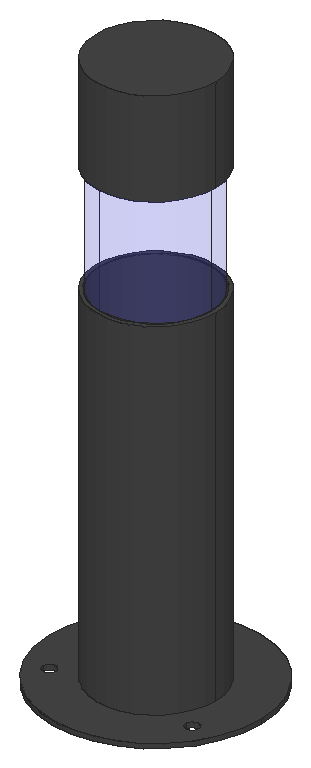
Revit family "svetilnik_alfresco_slim", category Осветительные приборы, Revit 2016
Family settings
  Тип детали = Нормальный
  Размер круглого соединителя = Использовать диаметр
  На основе рабочей плоскости = Нет
  Всегда вертикально = Да
  При загрузке вырезать с полостями = Нет
  Источник света = Да
  Общий = Нет
  Точка расчета площади = Нет
Parameters (values of type "Слим-0.5 (1)")
  built-in parameter 1150104 = 13.8 (stored number, unit not read)
  built-in parameter 1150134 = 12
  Файл фотометрической сетки = "Slim 4W.ies"
  Tilt Angle = 90.00°  # constant formula
  built-in parameter 1150137 = (empty or 0)
  built-in parameter 1150132 = 2
  built-in parameter 1150114 = 1 (stored number, unit not read)
  Dimming Lamp Color Temperature Shift = (empty or 0)
  built-in parameter 1150105 = 35.014 (stored number, unit not read)
  Color Filter = 16777215
  Lumens = 440 lm
  Радиус фланца = 95 mm
  Цветовая температура = "2700-6500"
  Тип продукции = "LED-светильник"
  Тип ПРА = "-"
  Тип КСС = "Круглосимметричная"
  Тип ИС = "LED-светодиоды"
  Температура эксплуатации = "-35 +40"
  Разработано = "support@bimlib.ru"  # constant formula
  built-in parameter 1150109 = 1 (stored number, unit not read)
  built-in parameter 1150112 = 1 (stored number, unit not read)
  built-in parameter 1150110 = 1 (stored number, unit not read)
  built-in parameter 1150113 = 1 (stored number, unit not read)
  built-in parameter 1150115 = 1 (stored number, unit not read)
  built-in parameter 1114218 = 1 (stored number, unit not read)
  built-in parameter 1114217 = 1 (stored number, unit not read)
  Плафон = PC
  built-in parameter 1150106 = 0.35014 (stored number, unit not read)
  built-in parameter 1150142 = "IESNA:LM-63-1995\r\n[TEST]\tAlf\r\n[MANUFAC] Alfresco\r\n[LUMCAT]Слим\r\n[LUMINAIRE] Landscape\r\n[LAMP] 4W led\r\n[DATE]\t07.09.14\r\nTILT=NONE\r\n1 480 0.48 37 1 1 2 0.108 0.108 0.1\r\n1.0 1 4\r\n0.0 5.0 10.0 15.0 20.0 25.0 30.0 35.0 40.0 45.0 50.0 55.0 60.0 65.0 70.0 75.0 80.0 85.0 90.0 95.0 100.0 105.0 110.0 115.0 120.0\r\n 125.0 130.0 135.0 140.0 145.0 150.0 155.0 160.0 165.0 170.0 175.0 180.0\r\n0.0\r\n0.0 0.0 3.0 8.0 12.0 17.0 22.0 26.0 31.0 35.0 39.0 42.0 44.0 46.0 47.0 48.0 49.0 50.0 50.0 51.0 51.0 51.0 50.0 50.0 48.0 46.0 43.0\r\n 39.0 35.0 31.0 28.0 27.0 25.0 23.0 16.0 10.0 7.0\r\n"
  built-in parameter 1150133 = 10 (stored number, unit not read)
  Wattage = 2.96213 W
  Радиус  корпуса светильника = 54 mm
  built-in parameter 1150139 = (empty or 0)
  built-in parameter 1150138 = (empty or 0)
  built-in parameter 1150107 = 4000 (stored number, unit not read)
  built-in parameter 1150102 = (empty or 0)
  Emit from Circle Diameter = 100 mm  # constant formula
  Высота плафона = 100 mm
  Высота крышки = 85 mm
  Полная установленная мощность = ADSK_Номинальная мощность / ADSK_Коэффициент мощности  # 4.08163 VA
  Область использования = "ландшафт, коттедж. Посёлки,микрорайоны"
  Материал рассеивателя = "PC"
  Корпус светильника = Сталь крашенная чёрная
  Климатическая зона = "У1"
  Класс пожароопасности = "F (светильники предназначены для установки непосредственно на поверхность из нормально воспламеняемых материалов)"
  Класс защиты = "1"
  Изготовитель = "ALFRESCO"  # constant formula
  Видимая форма излучения при визуализации = no
  Блок аварийного питания = no
  URL = "http://www.allfresco.ru/item/DTU-19-AF"
  IP Class = "IP 66"
  ADSK_Энергоэффективность = 110 lm/W
  ADSK_Ток = ADSK_Номинальная мощность / (ADSK_Коэффициент мощности * ADSK_Напряжение * sqrt(ADSK_Количество фаз числовое))  # 0.0131189 A
  ADSK_Размер_Высота = 500 mm
  ADSK_Примечание [instance] = ""
  ADSK_Полная мощность = ADSK_Номинальная мощность / ADSK_Коэффициент мощности  # 4.08163 VA
  ADSK_Позиция = ""
  ADSK_Номинальная мощность = 4 W
  ADSK_Напряжение = 220 V
  ADSK_Наименование = "Светодиодный светильник Слим ДТУ-21-AF-4Вт-0,5-IP66"
  ADSK_Модель = "ДТУ-21-AF Слим"
  ADSK_Масса = 5.2
  ADSK_Коэффициент мощности = 0.98
  ADSK_Количество фаз числовое = 2
  ADSK_Количество фаз = 2
  ADSK_Код изделия = ""
  ADSK_Классификация нагрузок [instance] = Освещение
  ADSK_Завод-изготовитель = "ALFRESCO"  # constant formula
  ADSK_Единица измерения = "шт."
  ADSK_Артикул = "ДТУ2112"
Types (4, lengths in mm): name | Файл фотометрической сетки | built-in parameter 1150105 | Lumens | built-in parameter 1150106 | built-in parameter 1150142 | Wattage | Высота крышки | Полная установленная мощность | ADSK_Ток | ADSK_Размер_Высота | ADSK_Полная мощность | ADSK_Номинальная мощность | ADSK_Наименование | ADSK_Масса | ADSK_Артикул
  Слим-0.5 (1) | "Slim 4W.ies" | 35.014 (stored number, unit not read) | 440 lm | 0.35014 (stored number, unit not read) | "IESNA:LM-63-1995\r\n[TEST]\tAlf\r\n[MANUFAC] Alfresco\r\n[LUMCAT]Слим\r\n[LUMINAIRE] Landscape\r\n[LAMP] 4W led\r\n[DATE]\t07.09.14\r\nTILT=NONE\r\n1 480 0.48 37 1 1 2 0.108 0.108 0.1\r\n1.0 1 4\r\n0.0 5.0 10.0 15.0 20.0 25.0 30.0 35.0 40.0 45.0 50.0 55.0 60.0 65.0 70.0 75.0 80.0 85.0 90.0 95.0 100.0 105.0 110.0 115.0 120.0\r\n 125.0 130.0 135.0 140.0 145.0 150.0 155.0 160.0 165.0 170.0 175.0 180.0\r\n0.0\r\n0.0 0.0 3.0 8.0 12.0 17.0 22.0 26.0 31.0 35.0 39.0 42.0 44.0 46.0 47.0 48.0 49.0 50.0 50.0 51.0 51.0 51.0 50.0 50.0 48.0 46.0 43.0\r\n 39.0 35.0 31.0 28.0 27.0 25.0 23.0 16.0 10.0 7.0\r\n" | 2.96213 W | 85 | 4.08163 VA | 0.0131189 A | 500 | 4.08163 VA | 4 W | "Светодиодный светильник Слим ДТУ-21-AF-4Вт-0,5-IP66" | 5.2 | "ДТУ2112"
  Слим-0.5 (2) | "Slim12W.ies" | 105.04 (stored number, unit not read) | 1320 lm | 1.0504 (stored number, unit not read) | "IESNA:LM-63-1995\r\n[TEST]\tAlf\r\n[MANUFAC] Alfresco\r\n[LUMCAT]Слим\r\n[LUMINAIRE] Landscape\r\n[LAMP]12W led\r\n[DATE]\t07.09.14\r\nTILT=NONE\r\n1 1200.0 1.2 37 1 1 2 0.108 0.108 0.1\r\n1.0 1 12.0\r\n0.0 5.0 10.0 15.0 20.0 25.0 30.0 35.0 40.0 45.0 50.0 55.0 60.0 65.0 70.0 75.0 80.0 85.0 90.0 95.0 100.0 105.0 110.0 115.0 120.0\r\n 125.0 130.0 135.0 140.0 145.0 150.0 155.0 160.0 165.0 170.0 175.0 180.0\r\n0.0\r\n0.0 0.0 3.0 8.0 12.0 17.0 22.0 26.0 31.0 35.0 39.0 42.0 44.0 46.0 47.0 48.0 49.0 50.0 50.0 51.0 51.0 51.0 50.0 50.0 48.0 46.0 43.0\r\n 39.0 35.0 31.0 28.0 27.0 25.0 23.0 16.0 10.0 7.0\r\n" | 8.88638 W | 85 | 12.2449 VA | 0.0393566 A | 500 | 12.2449 VA | 12 W | "Светодиодный светильник Слим ДТУ-21-AF-12Вт-0,5-IP66" | 5.5 | "ДТУ2110"
  Слим-1.0 (1) | "Slim 4W.ies" | 35.014 (stored number, unit not read) | 440 lm | 0.35014 (stored number, unit not read) | "IESNA:LM-63-1995\r\n[TEST]\tAlf\r\n[MANUFAC] Alfresco\r\n[LUMCAT]Слим\r\n[LUMINAIRE] Landscape\r\n[LAMP] 4W led\r\n[DATE]\t07.09.14\r\nTILT=NONE\r\n1 480 0.48 37 1 1 2 0.108 0.108 0.1\r\n1.0 1 4\r\n0.0 5.0 10.0 15.0 20.0 25.0 30.0 35.0 40.0 45.0 50.0 55.0 60.0 65.0 70.0 75.0 80.0 85.0 90.0 95.0 100.0 105.0 110.0 115.0 120.0\r\n 125.0 130.0 135.0 140.0 145.0 150.0 155.0 160.0 165.0 170.0 175.0 180.0\r\n0.0\r\n0.0 0.0 3.0 8.0 12.0 17.0 22.0 26.0 31.0 35.0 39.0 42.0 44.0 46.0 47.0 48.0 49.0 50.0 50.0 51.0 51.0 51.0 50.0 50.0 48.0 46.0 43.0\r\n 39.0 35.0 31.0 28.0 27.0 25.0 23.0 16.0 10.0 7.0\r\n" | 2.96213 W | 50 | 4.08163 VA | 0.0131189 A | 1000 | 4.08163 VA | 4 W | "Светодиодный светильник Слим ДТУ-21-AF-4Вт-1,0-IP66" | 9.3 | "ДТУ2113"
  Слим-1.0 (2) | "Slim12W.ies" | 105.04 (stored number, unit not read) | 1320 lm | 1.0504 (stored number, unit not read) | "IESNA:LM-63-1995\r\n[TEST]\tAlf\r\n[MANUFAC] Alfresco\r\n[LUMCAT]Слим\r\n[LUMINAIRE] Landscape\r\n[LAMP]12W led\r\n[DATE]\t07.09.14\r\nTILT=NONE\r\n1 1200.0 1.2 37 1 1 2 0.108 0.108 0.1\r\n1.0 1 12.0\r\n0.0 5.0 10.0 15.0 20.0 25.0 30.0 35.0 40.0 45.0 50.0 55.0 60.0 65.0 70.0 75.0 80.0 85.0 90.0 95.0 100.0 105.0 110.0 115.0 120.0\r\n 125.0 130.0 135.0 140.0 145.0 150.0 155.0 160.0 165.0 170.0 175.0 180.0\r\n0.0\r\n0.0 0.0 3.0 8.0 12.0 17.0 22.0 26.0 31.0 35.0 39.0 42.0 44.0 46.0 47.0 48.0 49.0 50.0 50.0 51.0 51.0 51.0 50.0 50.0 48.0 46.0 43.0\r\n 39.0 35.0 31.0 28.0 27.0 25.0 23.0 16.0 10.0 7.0\r\n" | 8.88638 W | 50 | 12.2449 VA | 0.0393566 A | 1000 | 12.2449 VA | 12 W | "Светодиодный светильник Слим ДТУ-21-AF-12Вт-1,0-IP66" | 9.8 | "ДТУ2111"
Reference planes
  plane 1 "По центру (Вперед/Назад)": y = 0
  plane 2: z = 0
  plane 3 "По центру (Влево/Вправо)": x = 0
  plane 4: z = 500
  plane 5: z = 415
  plane 6: z = 315
  plane 7: through (0, 0.022, 1200) normal (0.4967, -0.8679, 0)
  plane 8: through (0, 0.022, 1200) normal (0.5216, 0.8532, 0)
Forms (mm)
  Extrusion 1, solid, material "Сталь крашенная чёрная" <- "Корпус светильника", detail levels medium+fine
    sketch origin (0, 0, 0) x (1, 0, 0) y (0, 1, 0)
      loop
        circle (0, 0.017) r 95
    from 0 to 4
  Extrusion 2, solid, material "Сталь крашенная чёрная" <- "Корпус светильника", not visible
    sketch origin (0, 0, 0) x (1, 0, 0) y (0, 0, 1)
      loop
        line (-40, 275) -> (-40, 45) -> (40, 45) -> (40, 275) -> (-40, 275)
    from 50 to 53
  Sweep 3, void, not visible
    path origin (0, 0, 0) x (1, 0, 0) y (0, 0, 1)
      loop
        line (-40, 275) -> (-40, 45) -> (40, 45) -> (40, 275) -> (-40, 275)
    profile origin (0, 0, 275) x (0, 0, 1) y (0, -1, 0)
      loop
        line (0, 53) -> (-5.115, 53) -> (0, 50.829) -> (0, 53)
  Extrusion 4, void, not visible
    sketch origin (0, 0, 0) x (0, 1, 0) y (0, 0, 1)
      loop
        line (-53, 242.5) -> (-53, 62.773) -> (-6.251, 242.5) -> (-53, 242.5)
    from -31.068 to 31.068
  Extrusion 5, solid, not visible
    sketch origin (10.462, 0, 0) x (0, 1, 0) y (0, 0, 1)
      loop
        line (-50, 242.5) -> (-50, 74.05) -> (-5.187, 242.5) -> (-50, 242.5)
    from 21.406 to 20.606
  Extrusion 6, solid, material "Отражатель", not visible
    sketch origin (-10.462, 0, 0) x (0, 1, 0) y (0, 0, -1)
      loop
        line (-50, -242.5) -> (-5.187, -242.5) -> (-50, -74.05) -> (-50, -242.5)
    from 21.406 to 20.606
  Extrusion 7, solid, material "Отражатель", not visible
    sketch origin (0, 0, 0) x (0, 1, 0) y (0, 0, 1)
      loop
        line (-50, 74.05) -> (-48.948, 73.77) -> (-4.06, 242.5) -> (-5.187, 242.5) -> (-50, 74.05)
    from -31.068 to 31.068
  Extrusion 8, solid, not visible
    sketch origin (0, 0, 0) x (1, 0, 0) y (0, 1, 0)
      loop
        line (-31.068, -4.06) -> (-31.068, -45) -> (31.068, -45) -> (31.068, -4.06) -> (-31.068, -4.06)
      loop
        line (0, -32.789) -> (-23.125, -32.789) -> (-23.125, -40.914) -> (0, -40.914) -> (23.125, -40.914) -> (23.125, -32.789) -> (0, -32.789)
    from 242.5 to 243.44
  Extrusion 9, solid, material "Пластик", not visible
    sketch origin (0, 0, 0) x (1, 0, 0) y (0, 1, 0)
      loop
        line (-23.125, -32.789) -> (-23.125, -40.914) -> (23.125, -40.914) -> (23.125, -32.789) -> (-23.125, -32.789)
    from 242.5 to 243.44
  Extrusion 10, solid, not visible
    sketch origin (10.462, 0, 0) x (0, 1, 0) y (0, 0, 1)
      loop
        line (-50, 242.5) -> (-50, 74.05) -> (-5.187, 242.5) -> (-50, 242.5)
    from 21.406 to 20.606
  Extrusion 11, solid, material "Отражатель", not visible
    sketch origin (-10.462, 0, 0) x (0, 1, 0) y (0, 0, -1)
      loop
        line (-50, -242.5) -> (-5.187, -242.5) -> (-50, -74.05) -> (-50, -242.5)
    from 21.406 to 20.606
  Extrusion 12, solid, material "Отражатель", not visible
    sketch origin (0, 0, 0) x (0, 1, 0) y (0, 0, 1)
      loop
        line (-50, 74.05) -> (-48.948, 73.77) -> (-4.06, 242.5) -> (-5.187, 242.5) -> (-50, 74.05)
    from -31.068 to 31.068
  Extrusion 13, solid, not visible
    sketch origin (0, 0, 0) x (1, 0, 0) y (0, 1, 0)
      loop
        line (-31.068, -4.06) -> (-31.068, -45) -> (31.068, -45) -> (31.068, -4.06) -> (-31.068, -4.06)
      loop
        line (0, -32.789) -> (-23.125, -32.789) -> (-23.125, -40.914) -> (0, -40.914) -> (23.125, -40.914) -> (23.125, -32.789) -> (0, -32.789)
    from 242.5 to 243.44
  Extrusion 14, solid, material "Пластик", not visible
    sketch origin (0, 0, 0) x (1, 0, 0) y (0, 1, 0)
      loop
        line (-23.125, -32.789) -> (-23.125, -40.914) -> (23.125, -40.914) -> (23.125, -32.789) -> (-23.125, -32.789)
    from 242.5 to 243.44
  Extrusion 15, void
    sketch origin (0, 0, 0) x (1, 0, 0) y (0, 1, 0)
      loop
        circle (0, 75.022) r 6
      loop
        circle (-65.092, -37.234) r 6
      loop
        circle (63.989, -39.098) r 6
    from 0 to 4
  Extrusion 16, solid, material "Сталь крашенная чёрная", detail levels medium+fine
    sketch origin (0, 0, 0) x (1, 0, 0) y (0, 1, 0)
      loop
        circle (0, 0) r 54
      loop
        circle (0, 0) r 51
    from 4 to 415
  Extrusion 17, solid, material "Сталь крашенная чёрная" <- "Корпус светильника", detail levels medium+fine
    sketch origin (0, 0, 0) x (1, 0, 0) y (0, 1, 0)
      loop
        circle (0, 0) r 54
    from 415 to 500
  Extrusion 18, void
    sketch origin (0, 0, 0) x (1, 0, 0) y (0, 1, 0)
      loop
        circle (-0.482, -0.439) r 60
    from 315 to 415
  Extrusion 19, solid, material "PC" <- "Плафон", detail levels medium+fine
    sketch origin (0, 0, 0) x (1, 0, 0) y (0, 1, 0)
      loop
        circle (0, 0) r 50
    from 315 to 415
Cuts and joins
  Extrusion 15 cuts Extrusion 1
  Extrusion 18 cuts Extrusion 16
Lines and regions (mm)
  model lines, detail levels coarse
    curve 1: line (0, 0, 4) -> (0, 0, 500)
    curve 2: line (-95, 0, 0) -> (95, 0, 0)
Dimensions and locks
  "ADSK_Размер_Высота": plane 4 to level
  locked: Sweep 3 sketch curve to Sweep 3 sketch curve at 2.171
  "Высота крышки": plane 4 to plane 5
  "Высота плафона": plane 5 to plane 6
  "Радиус  корпуса светильника": plane 3 "По центру (Влево/Вправо)" to Extrusion 17
  plane 6 to level = 315 mm
  "Радиус фланца": cut or joined group of Extrusion 1, Extrusion 15 to plane 3 "По центру (Влево/Вправо)"
  locked: imposter light to plane 5
  aligned and locked: level to plane 2
  aligned and locked: plane 5 to Extrusion 16
  aligned and locked: plane 4 to Extrusion 17
  aligned and locked: plane 6 to Extrusion 18
  aligned and locked: plane 5 to Extrusion 19
  aligned and locked: Extrusion 19 to plane 6
  aligned and locked: Extrusion 17 to plane 5
  aligned and locked: cut or joined group of Extrusion 16, Extrusion 18 to plane 6
  aligned and locked: Extrusion 17 to plane 4
  aligned and locked: Extrusion 19 to plane 5
  aligned and locked: plane 6 to Extrusion 19
  aligned and locked: plane 5 to Extrusion 18
  aligned and locked: plane 3 "По центру (Влево/Вправо)" to curve 1
  aligned and locked: plane 4 to curve 1
Automatic sketch dimensions
  Sweep 3 sketch curve to Sweep 3 sketch curve = 5.115 mm
  Extrusion 7 sketch curve to Extrusion 7 sketch curve = 0.28 mm
  Extrusion 8 sketch curve to Extrusion 8 sketch curve = 8.125 mm
  Extrusion 9 sketch curve to Extrusion 9 sketch curve = 8.125 mm
  Extrusion 2 sketch curve to Extrusion 2 sketch curve = 80 mm
  Extrusion 2 sketch curve to Extrusion 2 sketch curve = 230 mm
  Sweep 3 sketch curve to Sweep 3 sketch curve = 80 mm
  Sweep 3 sketch curve to Sweep 3 sketch curve = 230 mm
  profile plane to Sweep 3 sketch curve = 0 mm
  profile plane to Sweep 3 sketch curve = 50.829 mm
  Extrusion 4 sketch curve to Extrusion 4 sketch curve = 46.749 mm
  Extrusion 4 sketch curve to Extrusion 4 sketch curve = 179.727 mm
  Extrusion 5 sketch curve to Extrusion 5 sketch curve = 44.813 mm
  Extrusion 5 sketch curve to Extrusion 5 sketch curve = 168.45 mm
  Extrusion 6 sketch curve to Extrusion 6 sketch curve = 44.813 mm
  Extrusion 6 sketch curve to Extrusion 6 sketch curve = 168.45 mm
  Extrusion 7 sketch curve to Extrusion 7 sketch curve = 1.052 mm
  Extrusion 7 sketch curve to Extrusion 7 sketch curve = 44.813 mm
  Extrusion 8 sketch curve to Extrusion 8 sketch curve = 7.943 mm  (x2)
  Extrusion 8 sketch curve to Extrusion 8 sketch curve = 23.125 mm  (x2)
  Extrusion 8 sketch curve to Extrusion 8 sketch curve = 0 mm
  Extrusion 8 sketch curve to Extrusion 8 sketch curve = 4.086 mm
  Extrusion 8 sketch curve to Extrusion 8 sketch curve = 28.729 mm
  Extrusion 9 sketch curve to Extrusion 9 sketch curve = 46.25 mm
  Extrusion 12 sketch curve to Extrusion 12 sketch curve = 0.28 mm
  Extrusion 13 sketch curve to Extrusion 13 sketch curve = 8.125 mm
  Extrusion 14 sketch curve to Extrusion 14 sketch curve = 8.125 mm
  Extrusion 10 sketch curve to Extrusion 10 sketch curve = 44.813 mm
  Extrusion 10 sketch curve to Extrusion 10 sketch curve = 168.45 mm
  Extrusion 11 sketch curve to Extrusion 11 sketch curve = 44.813 mm
  Extrusion 11 sketch curve to Extrusion 11 sketch curve = 168.45 mm
  Extrusion 12 sketch curve to Extrusion 12 sketch curve = 1.052 mm
  Extrusion 12 sketch curve to Extrusion 12 sketch curve = 44.813 mm
  Extrusion 13 sketch curve to Extrusion 13 sketch curve = 7.943 mm  (x2)
  Extrusion 13 sketch curve to Extrusion 13 sketch curve = 23.125 mm  (x2)
  Extrusion 13 sketch curve to Extrusion 13 sketch curve = 0 mm
  Extrusion 13 sketch curve to Extrusion 13 sketch curve = 4.086 mm
  Extrusion 13 sketch curve to Extrusion 13 sketch curve = 28.729 mm
  Extrusion 14 sketch curve to Extrusion 14 sketch curve = 46.25 mm
  Extrusion 16 sketch curve to Extrusion 16 sketch curve = 0 mm  (x2)
  plane 1 "По центру (Вперед/Назад)" to Extrusion 16 sketch curve = 0 mm
  Extrusion 16 sketch curve to plane 3 "По центру (Влево/Вправо)" = 0 mm
  plane 1 "По центру (Вперед/Назад)" to Extrusion 17 sketch curve = 0 mm
  Extrusion 17 sketch curve to plane 3 "По центру (Влево/Вправо)" = 0 mm
  Extrusion 1 sketch curve to plane 3 "По центру (Влево/Вправо)" = 0 mm
  Extrusion 1 sketch curve to plane 1 "По центру (Вперед/Назад)" = 0.017 mm
  Extrusion 15 sketch curve to plane 3 "По центру (Влево/Вправо)" = 0 mm
  Extrusion 15 sketch curve to plane 3 "По центру (Влево/Вправо)" = 65.092 mm
  plane 3 "По центру (Влево/Вправо)" to Extrusion 15 sketch curve = 63.989 mm
  plane 1 "По центру (Вперед/Назад)" to Extrusion 15 sketch curve = 37.234 mm
  plane 1 "По центру (Вперед/Назад)" to Extrusion 15 sketch curve = 39.098 mm
  Extrusion 15 sketch curve to plane 1 "По центру (Вперед/Назад)" = 75.022 mm
  plane 1 "По центру (Вперед/Назад)" to Extrusion 18 sketch curve = 0.439 mm
  Extrusion 18 sketch curve to plane 3 "По центру (Влево/Вправо)" = 0.482 mm
  plane 1 "По центру (Вперед/Назад)" to Extrusion 19 sketch curve = 0 mm
  Extrusion 19 sketch curve to plane 3 "По центру (Влево/Вправо)" = 0 mm
  curve 2 to level = 0 mm
  curve 2 to plane 3 "По центру (Влево/Вправо)" = 95 mm
  plane 3 "По центру (Влево/Вправо)" to curve 2 = 95 mm
  level to curve 1 = 4 mm
  radius of Extrusion 16 sketch curve = 54 mm
  radius of Extrusion 16 sketch curve = 51 mm
  radius of Extrusion 17 sketch curve = 54 mm
  radius of Extrusion 1 sketch curve = 95 mm
  radius of Extrusion 15 sketch curve = 6 mm  (x3)
  radius of Extrusion 18 sketch curve = 60 mm
  radius of Extrusion 19 sketch curve = 50 mm
Nested families
  nested 1: "УГО_Осветительный прибор" at (0, 0, 0), type "УГО_Осветительный прибор", detail levels coarse
Connectors
  electrical at (0, 0.017, 0), driven by "ADSK_Классификация нагрузок", driven by "ADSK_Напряжение", driven by "ADSK_Полная мощность", driven by "ADSK_Коэффициент мощности", driven by "ADSK_Количество фаз"
    settings: on cut or joined group of Extrusion 1, Extrusion 15, index 1, voltage 220 V, apparent load 4.08163 VA, apparent load phase1 0 VA, apparent load phase2 0 VA, apparent load phase3 0 VA, power factor 0.98, load classification "Освещение", number of poles 2, system type 30, power factor state 1, is connector primary yes, connector utility no, sub classification motor no, connector description ""
Definition of nested family "УГО_Осветительный прибор"
  Reference planes
    plane 1: y = 0
    plane 2: x = 0
  Lines and regions (mm)
    detail lines
      curve 1: circle (0, 0, 0) r 1.75 normal (0, 0, 1)
      curve 2: line (-1.021, 1.421, 0) -> (-1.021, -1.421, 0)
      curve 3: line (1.021, 1.421, 0) -> (1.021, -1.421, 0)
